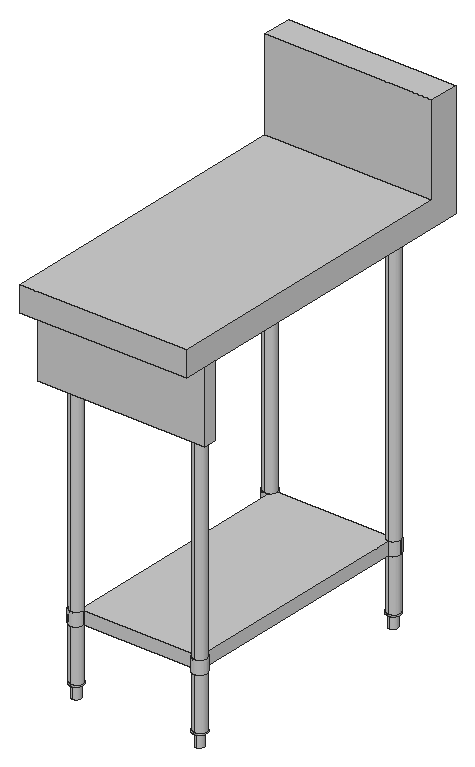
Revit family "QF_COMCATER ALL BRANDS_RCSPR4", category Specialty Equipment, Revit 2014
Parameters (values of type "RCSPR4")
  URL Cutsheet = ""
  URL = ""
  Type Comments = "The Australian owned and designed* Trueheat RC Series of Gas Cooking Equipment has been developed for the restaurant and cafe market with a high quality finish, designed to fulfill the busy demands within a commercial kitchen.\r\nSturdy range matched infill benches with stand.\r\nNote: Legs, feet and shelf can be removed to allow infill bench to be suspended between units on either side. (Hardware not included)."
  Status [instance] = ""
  Specification by User [instance] = ""
  Specification by Manufacturer [instance] = ""
  Seismic Rating = ""
  SMACNA No = ""
  Revision Code [instance] = ""
  NAFEM Spec ID Number = ""
  Model = "RCSPR4"
  Masterspec = ""
  Manufacturer = "TRUEHEAT"
  Length Actual = 400 mm
  Item Number [instance] = ""
  Installed By [instance] = ""
  Identify Quantity as Lot [instance] = no
  Height Actual = 910 mm
  Furnished By [instance] = ""
  Foodservice Equipment Identifier [instance] = yes
  Description = "400 MM WIDE INFILL BENCH"
  Depth Actual = 803 mm
  CSI MasterFormat = ""
  Assembly Code = "E1090320"
  Accessory = no
Reference planes
  plane 1 "Center (Front/Back)": y = 0
  plane 2: z = 0
  plane 3 "Center (Left/Right)": x = 0
Dimensions and locks
  aligned and locked: level to plane 2
Nested families
  nested 1: "QF_COMCATER_RCSPR4" at (0, 0, 0), type "RCSPR4"
    with Show Logo yes, Show Clearance yes
Definition of nested family "QF_COMCATER_RCSPR4"
  Parameters (values of type "RCSPR4")
    URL = "www.comcater.com.au"
    Show Logo [instance] = yes
    Show Clearance [instance] = yes
    Model = "RCSPR4"
    Manufacturer = "TRUEHEAT"
    Description = "WIDE INFILL BENCHES"
    Assembly Code = "E1090320"
  Reference planes
    plane 1 "Back": y = 0
    plane 2: z = 0
    plane 3 "Left": x = 0
    plane 4 "Right": x = 400
    plane 5 "Front": y = -803
    plane 6 "Top": z = 910
  Forms (mm)
    Extrusion 1, solid
      sketch origin (207.069, 0, 682.5) x (0, 1, 0) y (0, 0, 1)
        loop
          line (0, 442.5) -> (-70, 442.5) -> (-70, 227.5) -> (-803, 227.5) -> (-803, 167.5) -> (0, 167.5) -> (0, 442.5)
      from -207.069 to 192.931
    Extrusion 2, solid
      sketch origin (0, 0, 0) x (0, 1, 0) y (0, 0, 1)
        loop
          line (-720, 850) -> (-750, 850) -> (-750, 680) -> (-720, 680) -> (-720, 850)
      from 0 to 400
    Extrusion 3, solid
      sketch origin (0, 0, 160) x (1, 0, 0) y (0, 1, 0)
        loop
          line (60.5, -135.888) -> (60.5, -685.027)
          arc (60.5, -685.027) -> (37.858, -708.722) -> (69.45, -700) r 17
          line (69.45, -700) -> (330.55, -700)
          arc (330.55, -700) -> (359.571, -712.021) -> (347.55, -683) r 17
          line (347.55, -683) -> (347.55, -137.9)
          arc (347.55, -137.9) -> (359.571, -108.879) -> (330.55, -120.9) r 17
          line (330.55, -120.9) -> (69.478, -120.9)
          arc (69.478, -120.9) -> (37.895, -112.164) -> (60.5, -135.888) r 17
        loop
          circle (52.45, -700) r 15
        loop
          circle (347.55, -700) r 15
        loop
          circle (52.478, -120.9) r 15
        loop
          circle (347.55, -120.9) r 15
      from 0 to 30
    Revolve 4, solid
      sketch origin (52.45, 7.1, 0) x (0, 1, 0) y (0, 0, 1)
        loop
          line (-113, 850) -> (-128, 850) -> (-128, 0) -> (-118, 0) -> (-118, 30) -> (-113, 30)
          arc (-113, 30) -> (-111.5, 31.5) -> (-113, 33) r 1.5
          line (-113, 33) -> (-113, 850)
        axis (-128, 0) -> (-128, 850)
      angle from 0 to 360
    Revolve 5, solid
      sketch origin (347.55, 7.1, 0) x (0, 1, 0) y (0, 0, 1)
        loop
          line (-113, 850) -> (-128, 850) -> (-128, 0) -> (-118, 0) -> (-118, 30) -> (-113, 30)
          arc (-113, 30) -> (-111.5, 31.5) -> (-113, 33) r 1.5
          line (-113, 33) -> (-113, 850)
        axis (-128, 0) -> (-128, 850)
      angle from 0 to 360
    Revolve 6, solid
      sketch origin (52.45, -572, 0) x (0, 1, 0) y (0, 0, 1)
        loop
          line (-113, 850) -> (-128, 850) -> (-128, 0) -> (-118, 0) -> (-118, 30) -> (-113, 30)
          arc (-113, 30) -> (-111.5, 31.5) -> (-113, 33) r 1.5
          line (-113, 33) -> (-113, 850)
        axis (-128, 0) -> (-128, 850)
      angle from 0 to 360
    Revolve 7, solid
      sketch origin (347.55, -572, 0) x (0, 1, 0) y (0, 0, 1)
        loop
          line (-113, 850) -> (-128, 850) -> (-128, 0) -> (-118, 0) -> (-118, 30) -> (-113, 30)
          arc (-113, 30) -> (-111.5, 31.5) -> (-113, 33) r 1.5
          line (-113, 33) -> (-113, 850)
        axis (-128, 0) -> (-128, 850)
      angle from 0 to 360
  Lines and regions (mm)
    symbolic lines, style "200-EquipBorder-2D", visible <- "Show Clearance"
      curve 1: line (0, 0, 0) -> (400, 0, 0)
      curve 2: line (400, 0, 0) -> (400, -803, 0)
      curve 3: line (400, -803, 0) -> (0, -803, 0)
      curve 4: line (0, -803, 0) -> (0, 0, 0)
    symbolic lines, style "200-EquipBorder-2D"
      curve 5: line (0, -70, 0) -> (400, -70, 0)
  Dimensions and locks
    plane 1 "Back" to plane 5 "Front" = 803 mm
    plane 6 "Top" to level = 910 mm  (x2)
    plane 3 "Left" to plane 4 "Right" = 400 mm
    plane 5 "Front" to plane 1 "Back" = 803 mm
    plane 4 "Right" to plane 3 "Left" = 400 mm
    aligned and locked: level to plane 2
